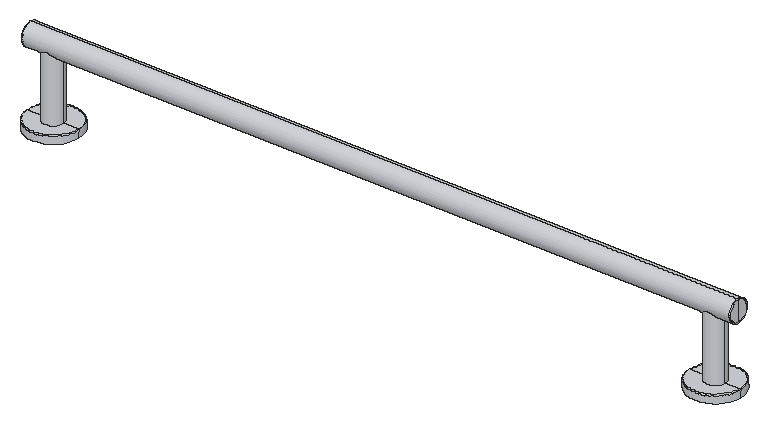
Revit family "Accessory-Towel_Bar-KOHLER-STILLNESS-K-14451T", category Specialty Equipment, host Face, Revit 2017
Family settings
  Host = Face
  Round Connector Dimension = Use Diameter
  Part Type = Normal
  OmniClass Number = 23.31.25.25
  OmniClass Title = Towel Bars
  Cut with Voids When Loaded = No
  Shared = No
  Room Calculation Point = No
Parameters (values of type "CP-Polished Chrome")
  Width = 24 1/64"  # constant formula
  WaterSense Certified = 1 = 0  # no
  URL = "http://www.kohler.com.cn/en/"
  Type = 1
  Product Page URL = "http://www.kohler.com.cn/product/K-14451T-CP/K-14451T-CP/"
  Product Name = "STILLNESS"  # constant formula
  Product Documentation Link = "http://files.kohler.com.cn/pdfs/stillness.pdf"
  Model = if(Type = 1, "K-14451T-CP", if(Type = 2, "K-14451T-BN", if(Type = 3, "K-14451T-PGD", if(Type = 4, "K-14451T-RGD", if(Type = 5, "K-14451T-SN", "NA")))))  # "K-14451T-CP"
  Material = "Solid Brass Construction"  # constant formula
  Master Format 2014 Name = "Toilet, Bath, and Laundry Accessories"  # constant formula
  Master Format 2014 = "10 28 00"  # constant formula
  Manufacturer Address = "158 Jiangchang 3rd Road Zhabei District Shanghai, 200436 China"  # constant formula
  Manufacturer = "KOHLER Co."  # constant formula
  Length = 3 47/256"  # constant formula
  Height = 1 57/64"  # constant formula
  Finish = Kohler-Metal-CP-Polished_Chrome
  Environmental Product Declaration = ""
  Description = "24 inch Towel Bar"  # constant formula
  Default Elevation = 42"
  Declare Label = ""
  Date Modified = "06/08/2020"  # constant formula
  Date Created = "06/08/2020"  # constant formula
  Copyright = "Copyright KOHLER Co."  # constant formula
  Contact Us = "http://www.kohler.com.cn/en/contact/contact-us/"
  Assembly Code = "C1030200"
  ADA Compliant = 1 = 0  # no
Types (6): name | Type | Product Page URL | Model | Finish
  (no name) | 1 | "http://www.kohler.com.cn/product/K-14451T-CP/K-14451T-CP/" | "K-14451T-CP" | Kohler-Metal-CP-Polished_Chrome
  CP-Polished Chrome | 1 | "http://www.kohler.com.cn/product/K-14451T-CP/K-14451T-CP/" | "K-14451T-CP" | Kohler-Metal-CP-Polished_Chrome
  BN-Roman Silver | 2 | "http://www.kohler.com.cn/product/K-14451T-CP/K-14451T-BN/" | "K-14451T-BN" | Kohler-Metal-BN-Roman_Silver
  PGD-Eternal Gold | 3 | "http://www.kohler.com.cn/product/K-14451T-CP/K-14451T-PGD/" | "K-14451T-PGD" | Kohler-Metal-PGD-Eternal_Gold
  RGD-Rose Gold | 4 | "http://www.kohler.com.cn/product/K-14451T-CP/K-14451T-RGD/" | "K-14451T-RGD" | Kohler-Metal-RGD-Rose_Gold
  SN-Champagne Gold | 5 | "http://www.kohler.com.cn/product/K-14451T-CP/K-14451T-SN/" | "K-14451T-SN" | Kohler-Metal-SN-Champagne_Gold
Reference planes (in)
  plane 1 "Center (Front/Back)": y = 0
  plane 2: z = 0
  plane 3 "Center (Left/Right)": x = 0
  plane 4: x = -12.00787
  plane 5: x = -12.95276
  plane 6: x = -11.06299
  plane 7: x = -12.83465
  plane 8: x = 12.00775
  plane 9: x = 12.95276
  plane 10: x = 11.06299
  plane 11: x = 12.83465
  plane 12: y = 0.94488
  plane 13: y = -0.94574
  plane 14: y = 0.3937
  plane 15: y = -0.3937
  plane 16: z = 0.27559
  plane 17: z = 3.18359
  plane 18: z = 2.78125
  plane 19: z = 2.37885
  plane 20: x = -12.36214
  plane 21: x = -11.63786
  plane 22: x = 11.63786
  plane 23: x = 12.36214
  plane 24: y = 0.36214
  plane 25: y = -0.36214
Dimensions and locks (in)
  locked: plane 5 to plane 6 at 1.88976
  locked: plane 9 to plane 10 at 1.88976
  "Width": plane 4 to plane 8
  "Height": plane 12 to plane 13
  locked: plane 5 to plane 9 at 25.90551
  locked: plane 7 to plane 11 at 25.66929
  locked: plane 18 to plane 2 at 2.78125
  "Length": plane 17 to plane 2
  aligned and locked: plane 2 to host face
  aligned and locked: level to host face
Automatic sketch dimensions
  host sketch curve to host sketch curve = 96"  (x2)
Nested families (in)
  nested 1: "K-14451T" at (0, 0, 0), type "K-14451T"
Definition of nested family "K-14451T"
  Parameters (values of type "K-14451T")
    Material = none
  Reference planes (in)
    plane 1 "Center (Front/Back)": y = 0
    plane 2: z = 0
    plane 3 "Center (Left/Right)": x = 0
    plane 4: x = -12.00787
    plane 5: x = 12.00787
    plane 6: x = -12.95276
    plane 7: x = -11.06299
    plane 8: x = 12.95276
    plane 9: x = 11.06299
    plane 10: y = 0.94488
    plane 11: y = -0.94488
    plane 12: z = 0.27559
    plane 13: z = 3.18365
    plane 14: x = -12.83465
    plane 15: x = 12.83465
    plane 16: z = 2.37885
    plane 17: y = 0.3937
    plane 18: y = -0.3937
    plane 19: z = 2.78125
  Forms (in)
    Revolve 1, solid, material <- "Material", detail levels medium+fine
      sketch origin (0, 0, 0) x (1, 0, 0) y (0, 0, 1)
        loop
          line (-12, 0) -> (-12, 2.77559) -> (-12.36214, 2.77559) -> (-12.36214, 0.27559) -> (-12.91779, 0.27559)
          arc (-12.91779, 0.27559) -> (-12.93173, 0.26982) -> (-12.9375, 0.25588) r 0.01971
          line (-12.9375, 0.25588) -> (-12.9375, 0) -> (-12, 0)
        axis (-12, 2.77559) -> (-12, 0)
      angle from 0 to 360
    Revolve 2, solid, material <- "Material", detail levels medium+fine
      sketch origin (0, 0, 0) x (-1, 0, 0) y (0, 0, 1)
        loop
          line (-12, 0) -> (-12, 2.84614) -> (-12.36214, 2.84614) -> (-12.36214, 0.27559) -> (-12.9175, 0.27559)
          arc (-12.9175, 0.27559) -> (-12.93164, 0.26973) -> (-12.9375, 0.25559) r 0.02
          line (-12.9375, 0.25559) -> (-12.9375, 0) -> (-12, 0)
        axis (-12, 2.84614) -> (-12, 0)
      angle from 0 to 360
    Revolve 3, solid, material <- "Material", detail levels medium+fine
      sketch origin (0, 0, 0) x (1, 0, 0) y (0, 0, 1)
        loop
          arc (-12.82174, 3.17495) -> (-12.8373, 3.1685) -> (-12.84375, 3.15294) r 0.02201
          line (-12.84375, 3.15294) -> (-12.84375, 2.78125) -> (12.84375, 2.78125) -> (12.84375, 3.15151)
          arc (12.84375, 3.15151) -> (12.83689, 3.16809) -> (12.82031, 3.17495) r 0.02344
          line (12.82031, 3.17495) -> (-12.82174, 3.17495)
        axis (12.84375, 2.78125) -> (-12.84375, 2.78125)
      angle from 0 to 360
    Extrusion 4, solid, material <- "Material", detail levels coarse
      sketch origin (0, 0, 0) x (0, 1, 0) y (0, 0, 1)
        loop
          circle (0, 2.78125) r 0.3937
      from -12.84375 to 12.84375
    Extrusion 5, solid, material <- "Material", detail levels coarse
      sketch origin (0, 0, 0) x (1, 0, 0) y (0, 1, 0)
        loop
          circle (-12, 0) r 0.37
        loop
          circle (12, 0) r 0.37109
      from 0 to 2.73015
    Extrusion 6, solid, material <- "Material", detail levels coarse
      sketch origin (0, 0, 0) x (1, 0, 0) y (0, 1, 0)
        loop
          circle (-12, 0) r 0.9375
        loop
          circle (12, 0) r 0.9375
      from 0 to 0.27559
  Cuts and joins
    joined: Revolve 1, Revolve 2, Revolve 3
    joined: Extrusion 4, Extrusion 5, Extrusion 6
  Lines and regions (in)
    Masking region 1
      outline origin (0, 0, 0) x (1, 0, 0) y (0, 0, 1)
        loop
          line (-12.83465, 3.15215) -> (-12.83465, 2.41035)
          arc (-12.83465, 2.41035) -> (-12.82542, 2.38808) -> (-12.80315, 2.37885) r 0.0315
          line (-12.80315, 2.37885) -> (-12.36214, 2.37885) -> (-12.36214, 0.27553) -> (-12.93318, 0.27553)
          arc (-12.93318, 0.27553) -> (-12.94702, 0.2698) -> (-12.95276, 0.25596) r 0.01957
          line (-12.95276, 0.25596) -> (-12.95276, 0) -> (-11.0625, 0) -> (-11.0625, 0.25596)
          arc (-11.0625, 0.25596) -> (-11.06823, 0.2698) -> (-11.08207, 0.27553) r 0.01957
          line (-11.08207, 0.27553) -> (-11.63786, 0.27553) -> (-11.63786, 2.37885) -> (11.63786, 2.37885) -> (11.63786, 0.27553) -> (11.08256, 0.27553)
          arc (11.08256, 0.27553) -> (11.06872, 0.2698) -> (11.06299, 0.25596) r 0.01957
          line (11.06299, 0.25596) -> (11.06299, 0) -> (12.95276, 0) -> (12.95276, 0.25596)
          arc (12.95276, 0.25596) -> (12.94702, 0.2698) -> (12.93318, 0.27553) r 0.01957
          line (12.93318, 0.27553) -> (12.36214, 0.27553) -> (12.36214, 2.37885) -> (12.80315, 2.37885)
          arc (12.80315, 2.37885) -> (12.82542, 2.38808) -> (12.83465, 2.41035) r 0.0315
          line (12.83465, 2.41035) -> (12.83465, 3.15215)
          arc (12.83465, 3.15215) -> (12.82542, 3.17442) -> (12.80315, 3.18365) r 0.0315
          line (12.80315, 3.18365) -> (-12.80315, 3.18365)
          arc (-12.80315, 3.18365) -> (-12.82542, 3.17442) -> (-12.83465, 3.15215) r 0.0315
    Masking region 2
      outline origin (0, 0, 0) x (0, 1, 0) y (0, 0, 1)
        loop
          line (-0.94488, 0) -> (0.94488, 0) -> (0.94488, 0.25558)
          arc (0.94488, 0.25558) -> (0.93902, 0.26973) -> (0.92487, 0.27559) r 0.02002
          line (0.92487, 0.27559) -> (0.36214, 0.27559) -> (0.36214, 2.6247)
          arc (0.36214, 2.6247) -> (0.38487, 2.70158) -> (0.3937, 2.78125) r 0.45329
          arc (0.3937, 2.78125) -> (0.28148, 3.06525) -> (0, 3.18365) r 0.39379
          arc (0, 3.18365) -> (-0.28148, 3.06525) -> (-0.3937, 2.78125) r 0.39379
          arc (-0.3937, 2.78125) -> (-0.38487, 2.70158) -> (-0.36214, 2.6247) r 0.45329
          line (-0.36214, 2.6247) -> (-0.36214, 0.27559) -> (-0.92487, 0.27559)
          arc (-0.92487, 0.27559) -> (-0.93902, 0.26973) -> (-0.94488, 0.25558) r 0.02002
          line (-0.94488, 0.25558) -> (-0.94488, 0)
    Masking region 3
      outline origin (0, 0, 0) x (1, 0, 0) y (0, 1, 0)
        loop
          arc (-11.14917, 0.3937) -> (-11.49769, 0.79523) -> (-12.00787, 0.94488) r 0.94449
          arc (-12.00787, 0.94488) -> (-12.67601, 0.66813) -> (-12.95276, 0) r 0.94488
          arc (-12.95276, 0) -> (-12.67601, -0.66813) -> (-12.00787, -0.94488) r 0.94488
          arc (-12.00787, -0.94488) -> (-11.49769, -0.79523) -> (-11.14917, -0.3937) r 0.94449
          line (-11.14917, -0.3937) -> (11.14917, -0.3937)
          arc (11.14917, -0.3937) -> (11.49769, -0.79523) -> (12.00787, -0.94488) r 0.94449
          arc (12.00787, -0.94488) -> (12.67601, -0.66813) -> (12.95276, 0) r 0.94488
          arc (12.95276, 0) -> (12.67601, 0.66813) -> (12.00787, 0.94488) r 0.94488
          arc (12.00787, 0.94488) -> (11.49769, 0.79523) -> (11.14917, 0.3937) r 0.94449
          line (11.14917, 0.3937) -> (-11.14917, 0.3937)
    symbolic lines, detail levels medium+fine
      curve 1: line (-12.36214, 0, 0.27559) -> (-11.63786, 0, 0.27559)
      curve 2: line (11.63786, 0, 0.27559) -> (12.36214, 0, 0.27559)
      curve 3: line (12.36214, 0, 2.37885) -> (11.63786, 0, 2.37885)
      curve 4: line (0, 0.36214, 0.27559) -> (0, -0.36214, 0.27559)
      curve 5: line (-12.83465, 0.3622, 0) -> (-12.83465, -0.3622, 0)
      curve 6: line (12.83465, 0.3622, 0) -> (12.83465, -0.3622, 0)
      curve 7: line (-11.14917, -0.3937, 0) -> (-12.80315, -0.3937, 0)
      curve 8: line (-11.14917, 0.3937, 0) -> (-12.80315, 0.3937, 0)
      curve 9: line (11.14917, 0.3937, 0) -> (12.80315, 0.3937, 0)
      curve 10: line (11.14917, -0.3937, 0) -> (12.80315, -0.3937, 0)
      curve 11: arc (12.80315, 0.3937, 0) -> (12.82542, 0.38448, 0) -> (12.83465, 0.3622, 0) r 0.0315
      curve 12: arc (12.80315, -0.3937, 0) -> (12.82542, -0.38448, 0) -> (12.83465, -0.3622, 0) r 0.0315
      curve 13: arc (-12.80315, 0.3937, 0) -> (-12.82542, 0.38448, 0) -> (-12.83465, 0.3622, 0) r 0.0315
      curve 14: arc (-12.83465, -0.3622, 0) -> (-12.82542, -0.38448, 0) -> (-12.80315, -0.3937, 0) r 0.0315
      curve 15: arc (-12.16554, 0, 2.5565) -> (-12.09336, 0, 2.60542) -> (-12.00787, 0, 2.62262) r 0.22104
      curve 16: arc (-12.36214, 0, 2.37885) -> (-12.2612, 0, 2.46475) -> (-12.16554, 0, 2.5565) r 2.2306
      curve 17: arc (-11.85021, 0, 2.5565) -> (-11.92239, 0, 2.60542) -> (-12.00787, 0, 2.62262) r 0.22104
      curve 18: arc (-11.63786, 0, 2.37885) -> (-11.74837, 0, 2.46249) -> (-11.85021, 0, 2.5565) r 1.42096
      curve 19: arc (0, 0, 2.37885) -> (0, 0.21885, 2.44612) -> (0, 0.36214, 2.6247) r 0.38965
      curve 20: arc (0, 0, 2.37885) -> (0, -0.21885, 2.44612) -> (0, -0.36214, 2.6247) r 0.38965
  Dimensions and locks (in)
    locked: Revolve 1 sketch curve to plane 3 "Center (Left/Right)" at 12
    locked: Revolve 2 sketch curve to plane 3 "Center (Left/Right)" at 12
    equal spacing: Revolve 3 sketch curve, plane 3 "Center (Left/Right)", Revolve 3 sketch curve
    locked: plane 3 "Center (Left/Right)" to Revolve 3 sketch curve at 12.84375
    locked: plane 6 to plane 7 at 1.88976
    locked: plane 8 to plane 9 at 1.88976
    plane 6 to plane 8 = 25.90551"
    locked: plane 10 to plane 11 at 1.88976
    locked: plane 14 to plane 15 at 25.66929
    aligned and locked: plane 2 to level
    aligned and locked: Extrusion 4 to cut or joined group of Revolve 1, Revolve 2, Revolve 3  (x2)
